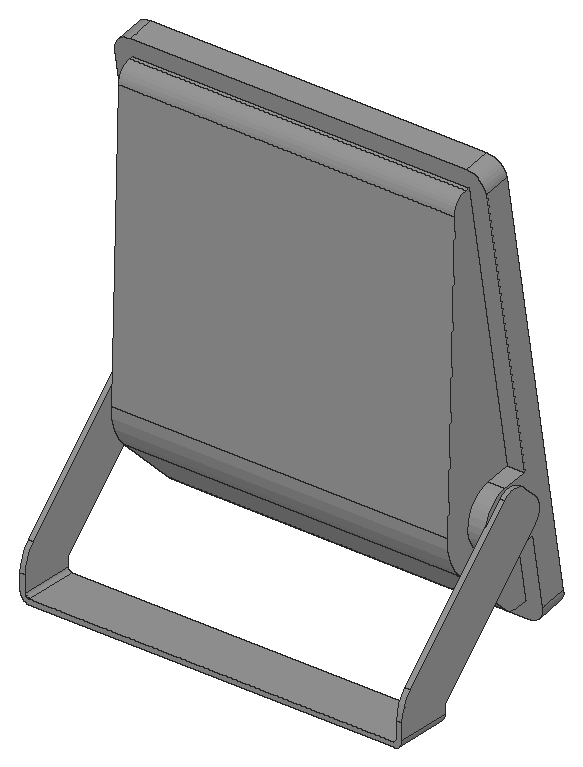
Revit family "0048534", category Lighting Fixtures, host Face, Revit 2017
Family settings
  Host = Face
  Round Connector Dimension = Use Diameter
  Part Type = Normal
  OmniClass Number = 23.80.70.00
  OmniClass Title = Lighting
  Cut with Voids When Loaded = No
  Light Source = No
  Shared = No
  Room Calculation Point = No
Parameters (values of type "0048534 START FLOOD IP66 6KLM 840 WB")
  WingRadius_SYL = 10 mm
  WingLength_SYL = if([50W_SYL], 100 mm, if([100W_SYL], 142 mm, if([150W_SYL], 142 mm, if([200W_SYL], 150 mm, 170 mm))))  # 100 mm
  WidthBracket_SYL = 30 mm
  Weight = "2.5 kg"
  Wattage Comments = ""
  WarrantyStartDate [instance] = "n/a"
  WarrantyGuarantorParts = "n/a"
  WarrantyDurationUnit = "n/a"
  WarrantyDurationParts = "n/a"
  WarrantyDescription = "n/a"
  Voltage = 0 V
  URL = "http://www.sylvania-lighting.com"
  TypeName = "Start Flood IP66 6KLM 840 WB"
  TypeHead_SYL = START Flood IP66 50W luminaire : 0048534
  Type Image = <None>
  Type Comments = "n/a"
  ThicknessBracket_SYL = 3 mm
  SerialNumber [instance] = "n/a"
  RotationAngle_SYL [instance] = -100.00°
  RadiusOutBracket_SYL = 5 mm
  RadiusInBracket_SYL = 2 mm
  Material_3_SYL = none
  PowerFactor = 0.95
  PowerConsumption = "50 W"
  NominalLength = 314 mm
  NominalHeight = 63 mm
  NominalDepth = 240 mm
  Name = "Start Flood IP66 6KLM 840 WB"
  ModelReference = Name  # "Start Flood IP66 6KLM 840 WB"
  ModelNumber = "0048534"
  Model = Name  # "Start Flood IP66 6KLM 840 WB"
  Material = "n/a"
  ManufacturerName = "Feilo Sylvania"
  Manufacturer = "Feilo Sylvania"
  LuminousEfficacy = "134 lm/W"
  LuminaireType = ""
  LightOutputRatio = "n/a"
  LengthIn_SYL = if([50W_SYL], 210 mm, if([100W_SYL], 300 mm, if([150W_SYL], 295 mm, if([200W_SYL], 360 mm, 430 mm))))  # 210 mm
  LampsType = Lamp  # "LED"
  LampNominalLuminous = "6700 lm"
  LampMacAdamStep = "4"
  LampColourTemperature = "4000 K"
  LampColourRenderingIndex = "70"
  Lamp = "LED"
  Keynote = "16500"
  InstallationDate [instance] = "n/a"
  InputVoltage = "n/a"
  InputNominalFrequency = "n/a"
  IngressProtection = "IP66"
  ImpactProtectionIndex = "IK08"
  IfcExportType = "IfcLightFixtureType"
  IfcExportAs = "IfcLightFixtureType"
  EndAngle_SYL [instance] = RotationAngle_SYL + 180.00°  # 80.00°
  ElectricShockClassification = "Class I"
  DocumentationLiterature = "http://www.sylvania-lighting.com/product/en-int/products/0048534"
  DimmingControlOptions = "n/a"
  Material_2_SYL = none
  Description = "Exterior LED Floodlight, comes complete with 1500mm flying lead and adjustable bracket, aluminium housing, clear glass diffuser, IP66, IK08, Class I, 4000K, Non-dimming, 6700lm, 50W, 134lm/W, CRI80, Symmetrical Wide beam angle (60°), 60000 hrs L70B50 lifetime, 314 x 240 x 63mm (LxWxD) dimensions, 2.5kg weight."
  Default Elevation = 1219.2 mm
  CreatedOn = "9/23/2020"
  CreatedBy = "@sylvania-lighting.com"
  Cost = 0
  built-in parameter 1114216 [instance] = (empty or 0)
  ClassificationValue = "EF_70_80"
  ClassificationName = "Uniclass2015"
  Material_1_SYL = Steel, Paint Finish, Dark Gray, Matte
  BarCode [instance] = "n/a"
  AxisOffsetWingEnd_SYL = WidthBracket_SYL / 2  # 15 mm
  AxisHeight_SYL = sin(45.00°) * WingLength_SYL  # 70.711 mm
  AxisDepth_SYL = cos(45.00°) * (WingLength_SYL - tan(45.00°) * AxisOffsetWingEnd_SYL - AxisOffsetWingEnd_SYL)  # 49.497 mm
  AssetType = "Fixed"
  AssetIdentifier [instance] = "n/a"
  Assembly Code = "D5020200"
  Apparent Load = 50 VA
  Material_4_SYL = none
  50W_SYL = yes
  200W_SYL = no
  150W_SYL = no
  100W_SYL = no
Reference planes
  plane 1 "Center (Front/Back)": y = 0
  plane 2: z = 0
  plane 3 "Center (Left/Right)": x = 0
  plane 4: x = 108
  plane 5: x = -108
  plane 6: x = 105
  plane 7: x = -105
  plane 8: z = 10
  plane 9: y = 15
  plane 10: y = -15
  plane 11: z = 3
  plane 12: z = 80.711
  plane 13: y = 64.497
Forms (mm)
  Extrusion 1, solid, material "Steel, Paint Finish, Dark Gray, Matte" <- "Material_1_SYL"
    sketch origin (0, 0, 0) x (1, 0, 0) y (0, 0, 1)
      loop
        arc (103, 0) -> (106.536, 1.464) -> (108, 5) r 5
        line (108, 5) -> (108, 10) -> (105, 10) -> (105, 5)
        arc (105, 5) -> (104.414, 3.586) -> (103, 3) r 2
        line (103, 3) -> (-103, 3)
        arc (-103, 3) -> (-104.414, 3.586) -> (-105, 5) r 2
        line (-105, 5) -> (-105, 10) -> (-108, 10) -> (-108, 5)
        arc (-108, 5) -> (-106.536, 1.464) -> (-103, 0) r 5
        line (-103, 0) -> (103, 0)
    from -15 to 15
  Extrusion 2, solid, material "Steel, Paint Finish, Dark Gray, Matte" <- "Material_1_SYL"
    sketch origin (105, -4572, 2609.058) x (0, 0, 1) y (0, -1, 0)
      loop
        line (-2599.058, -4587) -> (-2535.418, -4650.64)
        arc (-2535.418, -4650.64) -> (-2528.347, -4653.569) -> (-2521.276, -4650.64) r 10
        line (-2521.276, -4650.64) -> (-2514.205, -4643.569)
        arc (-2514.205, -4643.569) -> (-2511.276, -4636.497) -> (-2514.205, -4629.426) r 10
        line (-2514.205, -4629.426) -> (-2580.774, -4562.858)
        arc (-2580.774, -4562.858) -> (-2587.262, -4558.522) -> (-2594.916, -4557) r 20
        line (-2594.916, -4557) -> (-2599.058, -4557) -> (-2599.058, -4587)
    from 0 to 3
  Extrusion 3, solid, material "Steel, Paint Finish, Dark Gray, Matte" <- "Material_1_SYL"
    sketch origin (-108, -4572, 2609.058) x (0, 0, 1) y (0, -1, 0)
      loop
        arc (-2535.418, -4650.64) -> (-2528.347, -4653.569) -> (-2521.276, -4650.64) r 10
        line (-2521.276, -4650.64) -> (-2514.205, -4643.569)
        arc (-2514.205, -4643.569) -> (-2511.276, -4636.497) -> (-2514.205, -4629.426) r 10
        line (-2514.205, -4629.426) -> (-2580.774, -4562.858)
        arc (-2580.774, -4562.858) -> (-2587.262, -4558.522) -> (-2594.916, -4557) r 20
        line (-2594.916, -4557) -> (-2604.058, -4557) -> (-2604.058, -4587) -> (-2599.058, -4587) -> (-2535.418, -4650.64)
    from 0 to 3
  Revolve 4, solid, not visible
    sketch origin (1223.4, -4572, 80.711) x (0, -1, 0) y (1, 0, 0)
      loop
        line (-4636.497, -1223.4) -> (-4651.497, -1223.4) -> (-4651.497, -1273.4) -> (-4636.497, -1273.4) -> (-4636.497, -1223.4)
      axis (-4636.497, -1223.4) -> (-4636.497, -1273.4)
    angle from -100 <- "RotationAngle_SYL" to 80 <- "EndAngle_SYL"
Cuts and joins
  joined: Extrusion 1, Extrusion 2, Extrusion 3
Lines and regions (mm)
  reference lines
    curve 1: line (0, 15, 10) -> (0, 167.028, 162.028)
    curve 2: line (0, 138.744, 176.17) -> (0, -15, 22.426)
    curve 3: line (0, 64.497, 101.924) -> (0, 85.711, 80.711)
    curve 4: line (-108, 4.393, 20.607) -> (-108, 165.135, 181.348)
    curve 5: line (0, 53.891, 91.317) -> (0, 75.104, 70.104)
Dimensions and locks
  locked: plane 8 to plane 2 at 10
  equal spacing: plane 10, plane 1 "Center (Front/Back)", plane 9
  "WidthBracket_SYL": plane 10 to plane 9
  "WidthBracket_SYL": curve 1 to curve 2
  "ThicknessBracket_SYL": plane 11 to plane 2
  "WingLength_SYL": curve 1 to curve 3
  level to Extrusion 1 = 10 mm
  equal spacing: plane 6, plane 3 "Center (Left/Right)", plane 7
  "LengthIn_SYL": plane 6 to plane 7
  equal spacing: plane 4, plane 3 "Center (Left/Right)", plane 5
  "ThicknessBracket_SYL": plane 7 to plane 5
  equal spacing: curve 1, curve 4, curve 2
  "AxisOffsetWingEnd_SYL": curve 3 to curve 5
  "AxisHeight_SYL": plane 12 to plane 8
  "AxisDepth_SYL": plane 9 to plane 13
  "RadiusInBracket_SYL": radius of Extrusion 1 sketch curve  (x2)
  "RadiusOutBracket_SYL": radius of Extrusion 1 sketch curve  (x2)
  "WingRadius_SYL": radius of Extrusion 2 sketch curve  (x2)
  locked: plane 8 to curve 1 (angle 45.00°)
  locked: plane 8 to curve 2 (angle 45.00°)
  aligned and locked: plane 2 to host face
  aligned and locked: level to host face
  aligned and locked: plane 9 to curve 1
  aligned and locked: plane 8 to curve 1
  aligned and locked: plane 10 to curve 2
  aligned and locked: plane 5 to Extrusion 1 sketch curve
  aligned and locked: plane 8 to Extrusion 1 sketch curve  (x2)
  aligned and locked: Extrusion 1 sketch curve to plane 7
  aligned and locked: plane 11 to Extrusion 1 sketch curve
  aligned and locked: plane 6 to Extrusion 1 sketch curve
  aligned and locked: Extrusion 1 sketch curve to plane 4
  aligned and locked: Extrusion 1 to plane 9
  aligned and locked: plane 10 to Extrusion 1
  aligned and locked: Extrusion 2 sketch curve to curve 1
  aligned and locked: curve 2 to Extrusion 2 sketch curve
  aligned and locked: plane 10 to Extrusion 2 sketch curve
  aligned and locked: Extrusion 2 sketch curve to Extrusion 1
  aligned and locked: plane 4 to Extrusion 2
  aligned and locked: Extrusion 2 to plane 6
  aligned and locked: plane 7 to Extrusion 3
  aligned and locked: Extrusion 3 to plane 5
  aligned and locked: cut or joined group of Extrusion 1, Extrusion 2, Extrusion 3 to curve 5  (x2)
  aligned and locked: Revolve 4 sketch curve to plane 13  (x2)
  aligned and locked: Revolve 4 sketch curve to curve 3
  aligned and locked: curve 2 to plane 3 "Center (Left/Right)"
  aligned and locked: Extrusion 3 sketch curve to cut or joined group of Extrusion 1, Extrusion 2, Extrusion 3  (x5)
  aligned and locked: cut or joined group of Extrusion 1, Extrusion 2, Extrusion 3 to Extrusion 3 sketch curve
  aligned and locked: nested 1 to plane 3 "Center (Left/Right)"
Automatic sketch dimensions
  host sketch curve to host sketch curve = 2438.4 mm  (x2)
  curve 4 to plane 1 "Center (Front/Back)" = 4.393 mm
  curve 4 to plane 9 = 150.135 mm
  Revolve 4 sketch curve to Revolve 4 sketch curve = 15 mm
  Revolve 4 sketch curve to plane 3 "Center (Left/Right)" = 50 mm
  Revolve 4 sketch curve to plane 5 = 1316.635 mm
  plane 4 to Revolve 4 sketch curve = 1441.773 mm
  Extrusion 3 sketch curve to plane 10 = 5.858 mm
  plane 12 to Extrusion 3 sketch curve = 7.071 mm
  Extrusion 3 sketch curve to plane 12 = 7.071 mm
  Extrusion 3 sketch curve to Extrusion 3 sketch curve = 7.071 mm
  plane 13 to Extrusion 3 sketch curve = 7.071 mm
  Extrusion 1 sketch curve to Extrusion 1 sketch curve = 0 mm  (x2)
  plane 12 to Extrusion 2 sketch curve = 0 mm
  Extrusion 2 sketch curve to plane 13 = 0 mm
  Extrusion 2 sketch curve to Extrusion 2 sketch curve = 4.142 mm
  Extrusion 2 sketch curve to plane 10 = 5.858 mm
  plane 12 to Extrusion 2 sketch curve = 7.071 mm
  Extrusion 2 sketch curve to plane 12 = 7.071 mm
  plane 13 to Extrusion 2 sketch curve = 7.071 mm
  Extrusion 2 sketch curve to plane 13 = 7.071 mm
Nested families
  nested 1: "START Flood IP66 50W luminaire" at (0, 64.497, 80.711) x (-1, 0, 0) z (0, 0.9848, 0.1736), type <- "TypeHead_SYL", type "0048534"
    with built-in parameter 1114216 (empty or 0), Apparent Load 50 VA
Connectors
  electrical at (4.2, 0, 0), driven by "Voltage", driven by "Apparent Load", driven by "PowerFactor"
    settings: on host face, index 1, voltage 0 V, apparent load 50 VA, apparent load phase1 0 VA, apparent load phase2 0 VA, apparent load phase3 0 VA, power factor 0.95, load classification "Other", number of poles 1, system type 30, power factor state 1, is connector primary yes, connector utility no, sub classification motor no, connector description ""
Definition of nested family "START Flood IP66 50W luminaire"
  Parameters (values of type "0048206 Start Flood IP66 7200lm 740 WB")
    WidthHead_SYL = if([50W_SYL], 210 mm, if([100W_SYL], 300 mm, if([150W_SYL], 295 mm, if([200W_SYL], 360 mm, 430 mm))))  # 210 mm
    Wattage Comments = "n/a"
    Wattage = 53 W
    built-in parameter 1150110 = 1 (stored number, unit not read)
    URL = "http://www.sylvania-lighting.com"
    Type Image = (empty or 0)
    Type Comments = "n/a"
    built-in parameter 1114217 = 1 (stored number, unit not read)
    Tilt Angle = -90.00°
    built-in parameter 1150109 = 1 (stored number, unit not read)
    built-in parameter 1150134 = 12
    built-in parameter 1150113 = 1 (stored number, unit not read)
    ScreenThickness_SYL = 14.5 mm  # constant formula
    ReflectorOffset_SYL = 12 mm  # constant formula
    ReflectorOffsetIn_SYL = RadiusReflectorFront_SYL  # 30 mm
    ReflectorHeight_SYL = if([50W_SYL], 145 mm, if([100W_SYL], 165 mm, if([150W_SYL], 210 mm, if([200W_SYL], 240 mm, 290 mm))))  # 145 mm
    RadiusReflectorIn_SYL = 5 mm  # constant formula
    RadiusReflectorFront_SYL = if([50W_SYL], 30 mm, if([100W_SYL], 30 mm, if([150W_SYL], 30 mm, if([200W_SYL], 30 mm, 35 mm))))  # 30 mm
    RadiusHinge_SYL = RadiusBack_SYL / 1.8  # 17.389 mm
    RadiusBack_SYL = if([50W_SYL], 31.3 mm, if([100W_SYL], 40 mm, if([150W_SYL], 40 mm, if([200W_SYL], 50 mm, 55 mm))))  # 31.3 mm
    Photometric Web File = "0048206.ies"
    OffsetBack_SYL = 10 mm  # constant formula
    Material_5_SYL = none
    Material_3_SYL = none
    Model = "Start Flood IP66 7200lm 740 WB"
    Manufacturer = "Feilo Sylvania"
    built-in parameter 1150105 = 8158.4 (stored number, unit not read)
    Lumens = 7420 lm
    built-in parameter 1150115 = 1 (stored number, unit not read)
    built-in parameter 1150137 = (empty or 0)
    built-in parameter 1150139 = (empty or 0)
    built-in parameter 1150112 = 1 (stored number, unit not read)
    built-in parameter 1150114 = 1 (stored number, unit not read)
    Lamp = "LED"
    Keynote = "16500"
    Material_2_SYL = none
    built-in parameter 1150132 = (empty or 0)
    built-in parameter 1150102 = (empty or 0)
    built-in parameter 1150107 = 4000 (stored number, unit not read)
    built-in parameter 1150138 = (empty or 0)
    built-in parameter 1150106 = 81.584 (stored number, unit not read)
    HeightHead_SYL = if([50W_SYL], 250 mm, if([100W_SYL], 320 mm, if([150W_SYL], 367 mm, if([200W_SYL], 400 mm, 470 mm))))  # 250 mm
    Emit from Rectangle Width = WidthHead_SYL - 4 mm - ReflectorOffset_SYL * 2 - ReflectorOffsetIn_SYL * 2  # 122 mm
    Emit from Rectangle Length = ReflectorHeight_SYL - ReflectorOffsetIn_SYL * 2  # 85 mm
    Emit Shape Visible in Rendering = no
    built-in parameter 1150104 = 13.006 (stored number, unit not read)
    Dimming Lamp Color Temperature Shift = (empty or 0)
    Description = ""
    Default Elevation = 1219.2 mm
    Cost = 0
    Color Filter = 16777215
    built-in parameter 1114216 [instance] = (empty or 0)
    Material_1_SYL = none
    Chamfer_SYL = if([50W_SYL], 15 mm, if([100W_SYL], 15 mm, if([150W_SYL], 15 mm, if([200W_SYL], 15 mm, 20 mm))))  # 15 mm
    built-in parameter 1114218 = 1 (stored number, unit not read)
    AxisOffsetBottom_SYL = if([50W_SYL], 68 mm, if([100W_SYL], 80 mm, if([150W_SYL], 92.2 mm, if([200W_SYL], 99.7 mm, 117 mm))))  # 68 mm
    AxisOffsetFront_SYL = if([50W_SYL], 28.4 mm, if([100W_SYL], 33.2 mm, if([150W_SYL], 33.2 mm, if([200W_SYL], 32.9 mm, 38.3 mm))))  # 28.4 mm
    built-in parameter 1150133 = 10 (stored number, unit not read)
    Assembly Code = "D5020200"
    Apparent Load = 53 VA
    Material_4_SYL = none
    50W_SYL = yes
    200W_SYL = no
    150W_SYL = no
    100W_SYL = no
  Types (2, lengths in mm): name | Photometric Web File | Model | built-in parameter 1150105 | Lumens | built-in parameter 1150106 | built-in parameter 1150104
    0048207 Start Flood IP66 7200lm 740 ASYM | "0048207.ies" | "Start Flood IP66 7200lm 740 ASYM" | 3747.2 (stored number, unit not read) | 6996 lm | 37.472 (stored number, unit not read) | 12.263 (stored number, unit not read)
    0048206 Start Flood IP66 7200lm 740 WB | "0048206.ies" | "Start Flood IP66 7200lm 740 WB" | 8158.4 (stored number, unit not read) | 7420 lm | 81.584 (stored number, unit not read) | 13.006 (stored number, unit not read)
  Reference planes
    plane 1 "Center (Front/Back)": y = 0
    plane 2: z = 0
    plane 3 "Center (Left/Right)": x = 0
    plane 4: x = 105
    plane 5: x = -105
    plane 6: y = -68
    plane 7: y = 182
    plane 8: z = 28.4
    plane 9: z = 13.9
    plane 10: y = 172
    plane 11: y = -58
    plane 12: x = -95
    plane 13: x = 95
    plane 14: x = -103
    plane 15: y = 180
    plane 16: x = 103
    plane 17: y = -66
    plane 18: y = 165
    plane 19: x = 88
    plane 20: x = -88
    plane 21: y = -51
    plane 22: z = 26.4
    plane 23: z = 3.9
    plane 24: x = -91
    plane 25: y = 168
    plane 26: x = 91
    plane 27: y = 23
    plane 28: x = -61
    plane 29: y = 53
    plane 30: x = 61
    plane 31: y = 138
    plane 32: y = 95.5
  Forms (mm)
    Extrusion 1, solid
      sketch origin (4.2, 0, 0) x (1, 0, 0) y (0, 1, 0)
        loop
          line (-1219.2, 1219.2) -> (-1219.2, -1219.2) -> (1219.2, -1219.2) -> (1219.2, 1219.2) -> (-1219.2, 1219.2)
      from 0 to -68.017
    Extrusion 2, solid, material <- "Material_1_SYL"
      sketch origin (0, 1219.2, 28.4) x (1, 0, 0) y (0, -1, 0)
        loop
          line (-95, 1037.2) -> (95, 1037.2)
          arc (95, 1037.2) -> (102.071, 1040.129) -> (105, 1047.2) r 10
          line (105, 1047.2) -> (105, 1277.2)
          arc (105, 1277.2) -> (102.071, 1284.271) -> (95, 1287.2) r 10
          line (95, 1287.2) -> (-95, 1287.2)
          arc (-95, 1287.2) -> (-102.071, 1284.271) -> (-105, 1277.2) r 10
          line (-105, 1277.2) -> (-105, 1047.2)
          arc (-105, 1047.2) -> (-102.071, 1040.129) -> (-95, 1037.2) r 10
      from 0 to 14.5
    Extrusion 3, void
      sketch origin (0, 1219.2, 28.4) x (1, 0, 0) y (0, -1, 0)
        loop
          line (-88, 1039.2) -> (88, 1039.2) -> (103, 1054.2) -> (103, 1270.2) -> (88, 1285.2) -> (-88, 1285.2) -> (-103, 1270.2) -> (-103, 1054.2) -> (-88, 1039.2)
      from 0 to 2
    Blend 4, void
      base sketch origin (0, 1219.2, 26.4) x (0, -1, 0) y (1, 0, 0)
        loop
          arc (1051.2, -61) -> (1059.987, -82.213) -> (1081.2, -91) r 30
          line (1081.2, -91) -> (1166.2, -91)
          arc (1166.2, -91) -> (1187.413, -82.213) -> (1196.2, -61) r 30
          line (1196.2, -61) -> (1196.2, 61)
          arc (1196.2, 61) -> (1187.413, 82.213) -> (1166.2, 91) r 30
          line (1166.2, 91) -> (1081.2, 91)
          arc (1081.2, 91) -> (1059.987, 82.213) -> (1051.2, 61) r 30
          line (1051.2, 61) -> (1051.2, -61)
      top sketch origin (0, 1219.2, 26.4) x (0, -1, 0) y (1, 0, 0)
        loop
          arc (1081.2, -58) -> (1083.044, -60.183) -> (1085.783, -61) r 5
          line (1085.783, -61) -> (1161.2, -61)
          arc (1161.2, -61) -> (1164.736, -59.536) -> (1166.2, -56) r 5
          line (1166.2, -56) -> (1166.2, 56)
          arc (1166.2, 56) -> (1164.736, 59.536) -> (1161.2, 61) r 5
          line (1161.2, 61) -> (1086.2, 61)
          arc (1086.2, 61) -> (1082.664, 59.536) -> (1081.2, 56) r 5
          line (1081.2, 56) -> (1081.2, -58)
      from 0 to -22.5
    Extrusion 5, solid, material <- "Material_1_SYL"
      sketch origin (0, 0, 0) x (0, 1, 0) y (0, 0, 1)
        loop
          line (-58, 13.9) -> (-58, 8.71)
          arc (-58, 8.71) -> (-56.917, 4.183) -> (-53.902, 0.637) r 10
          line (-53.902, 0.637) -> (-18.474, -25.267)
          arc (-18.474, -25.267) -> (-6.609, -30.594) -> (6.396, -30.639) r 31.3
          line (6.396, -30.639) -> (164.044, 2.271)
          arc (164.044, 2.271) -> (169.76, 5.753) -> (172, 12.06) r 10
          line (172, 12.06) -> (172, 13.9) -> (-58, 13.9)
      from -95 to 95
    Extrusion 6, solid, material <- "Material_4_SYL"
      sketch origin (0, 1219.2, 26.4) x (1, 0, 0) y (0, -1, 0)
        loop
          line (88, 1039.2) -> (103, 1054.2) -> (103, 1270.2) -> (88, 1285.2) -> (-88, 1285.2) -> (-103, 1270.2) -> (-103, 1054.2) -> (-88, 1039.2) -> (88, 1039.2)
      from -2 to 0
    Extrusion 7, solid, material <- "Material_1_SYL"
      sketch origin (0, 0, 0) x (0, 1, 0) y (0, 0, 1)
        loop
          arc (-17.389, 0) -> (0, -17.389) -> (17.389, 0) r 17.389
          line (17.389, 0) -> (17.389, 13.9) -> (-17.389, 13.9) -> (-17.389, 0)
      from -105 to 105
  Cuts and joins
    Extrusion 3, Blend 4 cuts Extrusion 2
    joined: Extrusion 2, Extrusion 5, Extrusion 7
  Lines and regions (mm)
    Split face 1
      outline origin (0, 1219.2, 28.4) x (1, 0, 0) y (0, 1, 0)
        loop
          arc (61, -1196.2) -> (82.213, -1187.413) -> (91, -1166.2) r 30
          line (91, -1166.2) -> (91, -1081.2)
          arc (91, -1081.2) -> (82.213, -1059.987) -> (61, -1051.2) r 30
          line (61, -1051.2) -> (-61, -1051.2)
          arc (-61, -1051.2) -> (-82.213, -1059.987) -> (-91, -1081.2) r 30
          line (-91, -1081.2) -> (-91, -1166.2)
          arc (-91, -1166.2) -> (-82.213, -1187.413) -> (-61, -1196.2) r 30
          line (-61, -1196.2) -> (61, -1196.2)
    reference lines
      curve 1: circle (0, 0, 0) r 31.3 normal (1, 0, 0)
      curve 2: line (-61, 168, 28.4) -> (61, 168, 28.4)
      curve 3: line (-91, 53, 28.4) -> (-91, 138, 28.4)
      curve 4: line (61, 23, 28.4) -> (-61, 23, 28.4)
      curve 5: line (91, 138, 28.4) -> (91, 53, 28.4)
      curve 6: arc (-61, 168, 28.4) -> (-82.213, 159.213, 28.4) -> (-91, 138, 28.4) r 30
      curve 7: arc (61, 168, 28.4) -> (82.213, 159.213, 28.4) -> (91, 138, 28.4) r 30
      curve 8: arc (-91, 53, 28.4) -> (-82.213, 31.787, 28.4) -> (-61, 23, 28.4) r 30
      curve 9: arc (61, 23, 28.4) -> (82.213, 31.787, 28.4) -> (91, 53, 28.4) r 30
      curve 10: line (-58, 138, 28.4) -> (56, 138, 28.4)
      curve 11: line (-61, 58, 28.4) -> (-61, 133.417, 28.4)
      curve 12: line (56, 53, 28.4) -> (-56, 53, 28.4)
      curve 13: line (61, 133, 28.4) -> (61, 58, 28.4)
      curve 14: arc (-58, 138, 28.4) -> (-60.183, 136.156, 28.4) -> (-61, 133.417, 28.4) r 5
      curve 15: arc (-56, 53, 28.4) -> (-59.536, 54.464, 28.4) -> (-61, 58, 28.4) r 5
      curve 16: arc (61, 58, 28.4) -> (59.536, 54.464, 28.4) -> (56, 53, 28.4) r 5
      curve 17: arc (56, 138, 28.4) -> (59.536, 136.536, 28.4) -> (61, 133, 28.4) r 5
      curve 18: circle (0, 0, 0) r 17.389 normal (1, 0, 0)
  Dimensions and locks
    equal spacing: plane 4, plane 3 "Center (Left/Right)", plane 5
    "WidthHead_SYL": plane 4 to plane 5
    "AxisOffsetBottom_SYL": plane 6 to plane 1 "Center (Front/Back)"
    "HeightHead_SYL": plane 6 to plane 7
    "AxisOffsetFront_SYL": plane 8 to plane 2
    "ScreenThickness_SYL": plane 9 to plane 8
    equal spacing: plane 12, plane 3 "Center (Left/Right)", plane 13
    "OffsetBack_SYL": plane 5 to plane 12
    "OffsetBack_SYL": plane 10 to plane 7
    "OffsetBack_SYL": plane 6 to plane 11
    locked: plane 6 to plane 17 at 2
    locked: plane 16 to plane 4 at 2
    locked: plane 5 to plane 14 at 2
    locked: plane 15 to plane 7 at 2
    "Chamfer_SYL": plane 19 to plane 16
    "Chamfer_SYL": plane 14 to plane 20
    "Chamfer_SYL": plane 18 to plane 15
    locked: plane 22 to plane 8 at 2
    "Chamfer_SYL": plane 17 to plane 21
    locked: plane 23 to plane 9 at 10
    equal spacing: plane 24, plane 3 "Center (Left/Right)", plane 26
    "ReflectorOffset_SYL": plane 25 to plane 15
    "ReflectorHeight_SYL": plane 27 to plane 25
    "ReflectorOffset_SYL": plane 14 to plane 24
    "ReflectorOffsetIn_SYL": plane 31 to plane 25
    "ReflectorOffsetIn_SYL": plane 24 to plane 28
    "ReflectorOffsetIn_SYL": plane 27 to plane 29
    "ReflectorOffsetIn_SYL": plane 30 to plane 26
    level to Extrusion 7 = 13.9 mm
    equal spacing: plane 29, plane 32, plane 31
    "RadiusBack_SYL": radius of curve 1
    "OffsetBack_SYL": radius of Extrusion 2 sketch curve  (x4)
    "RadiusReflectorFront_SYL": radius of curve 6
    "RadiusReflectorFront_SYL": radius of curve 8
    "RadiusReflectorFront_SYL": radius of curve 9
    "RadiusReflectorFront_SYL": radius of curve 7
    "RadiusReflectorIn_SYL": radius of curve 14
    "RadiusReflectorIn_SYL": radius of curve 15
    "RadiusReflectorIn_SYL": radius of curve 16
    "RadiusReflectorIn_SYL": radius of curve 17
    "RadiusHinge_SYL": radius of curve 18
    radius of Extrusion 5 sketch curve = 10 mm  (x2)
    aligned and locked: plane 2 to Extrusion 1
    aligned and locked: level to Extrusion 1
    aligned and locked: Extrusion 2 sketch curve to plane 7
    aligned and locked: plane 12 to Extrusion 2 sketch curve  (x2)
    aligned and locked: plane 13 to Extrusion 2 sketch curve  (x2)
    aligned and locked: plane 10 to Extrusion 2 sketch curve
    aligned and locked: plane 11 to Extrusion 2 sketch curve  (x2)
    aligned and locked: plane 9 to Extrusion 2
    aligned and locked: Extrusion 2 to plane 8
    aligned and locked: plane 20 to Extrusion 3 sketch curve
    aligned and locked: plane 18 to Extrusion 3 sketch curve
    aligned and locked: plane 14 to Extrusion 3 sketch curve
    aligned and locked: plane 17 to Extrusion 3 sketch curve
    aligned and locked: Extrusion 3 sketch curve to plane 16
    aligned and locked: plane 19 to Extrusion 3 sketch curve
    aligned and locked: plane 15 to Extrusion 3 sketch curve
    aligned and locked: plane 22 to Extrusion 3
    aligned and locked: Extrusion 3 to plane 8
    aligned and locked: curve 2 to plane 25
    aligned and locked: curve 3 to plane 24
    aligned and locked: plane 27 to curve 4
    aligned and locked: plane 26 to curve 5
    aligned and locked: curve 10 to plane 31
    aligned and locked: curve 11 to plane 28
    aligned and locked: plane 29 to curve 12
    aligned and locked: plane 30 to curve 13
    aligned and locked: Blend 4 sketch curve to curve 6
    aligned and locked: Blend 4 sketch curve to curve 8
    aligned and locked: Blend 4 sketch curve to curve 9
    aligned and locked: Blend 4 sketch curve to curve 7
    aligned and locked: Blend 4 sketch curve to curve 10
    aligned and locked: Blend 4 sketch curve to curve 17
    aligned and locked: Blend 4 sketch curve to curve 16
    aligned and locked: Blend 4 sketch curve to curve 15
    aligned and locked: Blend 4 sketch curve to curve 14
    aligned and locked: Blend 4 to plane 22
    aligned and locked: Extrusion 5 sketch curve to curve 1
    aligned and locked: Extrusion 5 to plane 12
    aligned and locked: plane 13 to Extrusion 5
    aligned and locked: plane 23 to Blend 4
    aligned and locked: Extrusion 6 sketch curve to cut or joined group of Extrusion 2, Extrusion 3, Blend 4, Extrusion 5, Extrusion 7  (x8)
    aligned and locked: plane 22 to Extrusion 6
    aligned and locked: Extrusion 6 to plane 8
    aligned and locked: Split face 1 sketch curve to cut or joined group of Extrusion 2, Extrusion 3, Blend 4, Extrusion 5, Extrusion 7  (x4)
    aligned and locked: Extrusion 7 sketch curve to curve 18
    aligned and locked: plane 9 to Extrusion 7 sketch curve  (x2)
    aligned and locked: plane 4 to Extrusion 7
    aligned and locked: Extrusion 7 to plane 5
    aligned and locked: plane 3 "Center (Left/Right)" to imposter light
    aligned and locked: plane 32 to imposter light
    aligned and locked: imposter light to plane 8
  Automatic sketch dimensions
    Extrusion 1 sketch curve to Extrusion 1 sketch curve = 2438.4 mm  (x2)
    Extrusion 3 sketch curve to plane 20 = 0 mm
    Extrusion 3 sketch curve to plane 19 = 0 mm
    plane 21 to Extrusion 3 sketch curve = 0 mm  (x2)
    plane 18 to Extrusion 3 sketch curve = 0 mm
    plane 28 to curve 10 = 3 mm
    curve 1 to curve 18 = 0 mm  (x2)
    curve 18 to level = 0 mm
    curve 18 to plane 1 "Center (Front/Back)" = 0 mm
    Extrusion 7 sketch curve to level = 0 mm
    Extrusion 5 sketch curve to plane 11 = 0 mm
    Extrusion 5 sketch curve to plane 10 = 0 mm
    plane 9 to Extrusion 5 sketch curve = 0 mm
    level to Extrusion 5 sketch curve = 0.637 mm
    Extrusion 5 sketch curve to plane 11 = 4.098 mm
    plane 1 "Center (Front/Back)" to Extrusion 5 sketch curve = 18.474 mm
    Extrusion 5 sketch curve to plane 1 "Center (Front/Back)" = 6.396 mm
    plane 18 to Extrusion 5 sketch curve = 0.956 mm
    plane 23 to Extrusion 5 sketch curve = 1.629 mm
